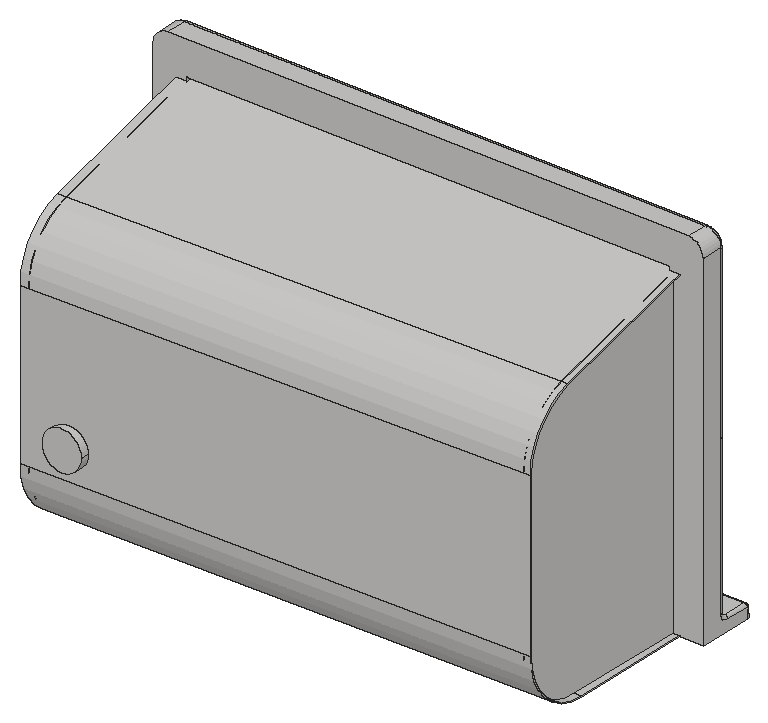
Revit family "PRD_FrankeWS_JntrlUnits_SiriusMultiPurposeSink_BS311N,BS312N", category Plumbing Fixtures, host Face, Revit 2018
Family settings
  Host = Face
  Round Connector Dimension = Use Diameter
  Part Type = Normal
  OmniClass Number = 23.45.05.14.14
  OmniClass Title = Sinks/Lavatories
  Cut with Voids When Loaded = No
  Shared = No
  Room Calculation Point = No
Parameters (values of type "BS311N")
  WaterSupplyOverflowAndWasteHolesWaterSupply = "No tapholes"
  WaterSupplyOverflowAndWasteHolesWaste = "Left-Back-Corner"
  WaterSupplyOverflowAndWasteHolesOverflow = "Stand pipe overflow"
  WasteSize = 40.00 mm
  WarrantyStartDate [instance] = "1900-12-31T23:59:59"
  WarrantyGuarantorParts = "n/a"
  WarrantyGuarantorLabor = "n/a"
  WarrantyDurationUnit = "year"
  WarrantyDurationParts = "n/a"
  WarrantyDurationLabor = "n/a"
  WarrantyDescription = "n/a"
  Version = "1"
  Uniclass2015Version = "Products v1.10"
  Uniclass2015Title = "Janitorial sinks"
  Uniclass2015Code = "Pr_40_20_96_44"
  URL = "www.kwc.com"
  TagNumber [instance] = "n/a"
  SustainabilityPerformance = "n/a"
  Size = "700 x 460 x 328 mm"
  SinkType = "Other"
  SinkMounting = "WallHung"
  SinkMaterial = PRD_AR_StainlessSteel_SatinFinished
  Shape = "Rectangular"
  SerialNumber [instance] = "n/a"
  Right = not(Left)  # no
  Revision = "n/a"
  ReplacementCost = "n/a"
  ProductInformation = "https://pim.kwc.com/product/2030045749/attachment/datasheet?locale=en"
  OutletSize = "DN 40 (1 1/2 inch.)"
  Options = "n/a"
  NominalWidth = 700 mm
  NominalHeight = 328 mm
  NominalDepth = 460 mm
  NetWeight = 6.70 kg
  Name = "Sirius multi purpose sink BS311N"
  NBSTypeID = "n/a"
  NBSReference = "45-35-70/401"
  NBSOfficeMasterTag = "n/a"
  NBSNote = "n/a"
  NBSDescription = "Janitorial units"
  NBSCertification = "n/a"
  ModelReference = "BS311N"
  ModelNumber = "2030045749"
  Model = ModelReference  # "BS311N"
  Material = "Stainless steel"
  ManufacturerURL = "www.kwc.com"
  ManufacturerName = "KWC Group AG"  # constant formula
  Manufacturer = ManufacturerName  # "KWC Group AG"
  Left = yes
  IntegralAccessories = "n/a"
  InstallationDate [instance] = "1900-12-31T23:59:59"
  IfcExportType = "SINK"
  IfcExportAs = "IfcSanitaryTerminalType"
  GrossWeight = 7.70 kg
  Grade = "n/a"
  FrameMaterial = PRD_AR_StainlessSteel_SatinFinished
  Form = "Stainless steel multi purpose sink"
  FinishAndMaterial = "Stainless steel 1.4301"
  Finish = "Satin finished"
  Features = "stainless steel, 0.8 mm, satin finished, wall mounting, 700x328x460 mm (WxHxD)"
  ExpectedLife = "n/a"
  DurationUnit = "year"
  DrainSize = "DN 40 (1 1/2 inch.)"
  Description = "SIRIUS washtrough for wall mounting, stainless steel, satin finished surface, material thickness of trough 0.8 mm / side panels 1.2 mm, side panels with integrated wall brackets, seamlessly welded, front panel with rubbing board, no tap ledge, no overflow, with grey plastic frame, 45 mm rear upstand, left hand waste, G 1 1/2 B plastic standpipe strainer, includes fixings."
  Default Elevation = 850 mm
  CreateOn = "11/2018"  # constant formula
  Constituents = "n/a"
  ConnectingDimensions = "n/a"
  Color = "Stainless steel"
  CodePerformance = "n/a"
  Category = "Pr_40_20_96_44, Janitorial sinks"
  BarCode [instance] = "n/a"
  BIMObjectName = "PRD_AR_JanitorialUnits_SiriusMultiPurposeSink_BS311N"
  Author = "Archispace"  # constant formula
  AssetType = "Fixed"
  AssetIdentifier [instance] = "n/a"
  AccessibilityPerformance = "n/a"
Types (2, lengths in mm): name | WaterSupplyOverflowAndWasteHolesWaste | Right | ProductInformation | Name | ModelReference | ModelNumber | Model | Left | Description | BIMObjectName
  BS311N | "Left-Back-Corner" | no | "https://pim.kwc.com/product/2030045749/attachment/datasheet?locale=en" | "Sirius multi purpose sink BS311N" | "BS311N" | "2030045749" | "BS311N" | yes | "SIRIUS washtrough for wall mounting, stainless steel, satin finished surface, material thickness of trough 0.8 mm / side panels 1.2 mm, side panels with integrated wall brackets, seamlessly welded, front panel with rubbing board, no tap ledge, no overflow, with grey plastic frame, 45 mm rear upstand, left hand waste, G 1 1/2 B plastic standpipe strainer, includes fixings." | "PRD_AR_JanitorialUnits_SiriusMultiPurposeSink_BS311N"
  BS312N | "Right-Back-Corner" | yes | "https://pim.kwc.com/product/2030045750/attachment/datasheet?locale=en" | "Sirius multi purpose sink BS312N" | "BS312N" | "2030045750" | "BS312N" | no | "SIRIUS washtrough for wall mounting, stainless steel, satin finished surface, material thickness of trough 0.8 mm / side panels 1.2 mm, side panels with integrated wall brackets, seamlessly welded, front panel with rubbing board, no tap ledge, no overflow, with grey plastic frame, 45 mm rear upstand, right hand drain, G 1 1/2 B plastic standpipe strainer, includes fixings." | "PRD_AR_JanitorialUnits_SiriusMultiPurposeSink_BS312N"
Reference planes
  plane 1 "Center (Front/Back)": y = 0
  plane 2: z = 0
  plane 3 "Center (Left/Right)": x = 0
Dimensions and locks
  aligned and locked: plane 2 to host face
  aligned and locked: level to host face
Nested families
  nested 1: "BS312" at (0, 0, 0) x (1, 0, 0) z (0, 1, 0), visible <- "Right", Right <- "Right", Left <- "Left", type "BS312"
    with distance 520 mm, Right no, Left yes
  nested 2: "BS312" at (0, 0, 0) x (-1, 0, 0) z (0, 1, 0), visible <- "Left", Left <- "Right", Right <- "Left", type "BS312"
    with distance 0 mm, Right yes, Left no
Connectors
  piping at (-260, -286.393, 121), diameter 40, driven by "WasteSize", driven by "DrainSize"
    settings: on nested 1, index 1, connector inside diameter 609.60 mm, connector length 0 mm, flow factor 0, pipe flow 0.0 L/s, pressure drop 0.0 Pa, fitting loss kfactor 0, connector angle 0.00°, fixture units 0, engagement length 0 mm, angle of deflection 0.00°, flow configuration 2, flow direction 2, fitting loss method 0, system type 16, joint type 0, gender type 0, connector reference index -1, connector utility 0, adjustable connector no, is connector primary yes, connector description "DN 40 (1 1/2 inch.)"
Definition of nested family "BS312"
  Parameters (values of type "BS312")
    distance [instance] = if(Left, 520 mm, 0 mm)  # 520 mm
    Right [instance] = yes
    Material2 = none
    Material = none
    Left [instance] = yes
    Default Elevation = 0 mm
  Reference planes
    plane 1 "Center (Front/Back)": y = 0
    plane 2: z = 2.248
    plane 3 "Center (Left/Right)": x = 0
    plane 4: x = 260
    plane 5: x = -260
    plane 6: x = -260
  Forms (mm)
    Blend 1, solid, material <- "Material", detail levels fine
      base sketch origin (0, 0, 0) x (0, 1, 0) y (0, 0, 1)
        loop
          line (-284.2, -277.782) -> (-81, -277.782)
          arc (-81, -277.782) -> (-23.724, -254.057) -> (0, -196.782) r 81
          line (0, -196.782) -> (0, -2.382) -> (-420.147, -2.382) -> (-362.44, -217.746)
          arc (-362.44, -217.746) -> (-333.51, -261.043) -> (-284.2, -277.782) r 81
      top sketch origin (0, 0, 0) x (0, 1, 0) y (0, 0, 1)
        loop
          line (-420.147, -2.382) -> (-365.387, -206.746)
          arc (-365.387, -206.746) -> (-336.457, -250.043) -> (-287.147, -266.782) r 81
          line (-287.147, -266.782) -> (-81, -266.782)
          arc (-81, -266.782) -> (-23.724, -243.057) -> (0, -185.782) r 81
          line (0, -185.782) -> (0, -2.382) -> (-420.147, -2.382)
      from 320 to -320
    Extrusion 2, solid, material <- "Material"
      sketch origin (0, 0, 2.248) x (1, 0, 0) y (0, 1, 0)
        loop
          circle (-260, -121) r 25
      from -277.162 to -288.641
    Blend 3, void, detail levels fine
      base sketch origin (0, 0, 0) x (0, 1, 0) y (0, 0, 1)
        loop
          arc (-81, -276.782) -> (-24.431, -253.35) -> (-1, -196.782) r 80
          line (-1, -196.782) -> (-1, -2.382) -> (-419.111, -2.382) -> (-361.474, -217.487)
          arc (-361.474, -217.487) -> (-332.901, -260.25) -> (-284.2, -276.782) r 80
          line (-284.2, -276.782) -> (-81, -276.782)
      top sketch origin (0, 0, 0) x (0, 1, 0) y (0, 0, 1)
        loop
          line (-287.147, -265.782) -> (-81, -265.782)
          arc (-81, -265.782) -> (-24.431, -242.35) -> (-1, -185.782) r 80
          line (-1, -185.782) -> (-1, -2.382) -> (-419.111, -2.382) -> (-364.422, -206.487)
          arc (-364.422, -206.487) -> (-335.848, -249.25) -> (-287.147, -265.782) r 80
      from 310 to -310
    Extrusion 4, void
      sketch origin (0, 0, 0) x (0, 1, 0) y (0, 0, 1)
        loop
          arc (-81, -265.782) -> (-24.431, -242.35) -> (-1, -185.782) r 80
          line (-1, -185.782) -> (-1, -2.382) -> (-419.111, -2.382) -> (-364.422, -206.487)
          arc (-364.422, -206.487) -> (-335.848, -249.25) -> (-287.147, -265.782) r 80
          line (-287.147, -265.782) -> (-81, -265.782)
      from -311 to -320
    Extrusion 5, void
      sketch origin (0, 0, 0) x (0, 1, 0) y (0, 0, 1)
        loop
          line (-1, -196.782) -> (-1, -2.382) -> (-419.111, -2.382) -> (-361.474, -217.487)
          arc (-361.474, -217.487) -> (-332.901, -260.25) -> (-284.2, -276.782) r 80
          line (-284.2, -276.782) -> (-81, -276.782)
          arc (-81, -276.782) -> (-24.431, -253.35) -> (-1, -196.782) r 80
      from 311 to 320
    Extrusion 6, solid, material <- "Material2", detail levels fine
      sketch origin (0, 0, 0) x (0, 1, 0) y (0, 0, 1)
        loop
          arc (-11.616, 44.848) -> (-15.11, 43.425) -> (-16.615, 39.965) r 5
          line (-16.615, 39.965) -> (-18.237, -29.152) -> (0, -29.152) -> (0, 44.848) -> (-11.616, 44.848)
      from -307 to 307
    Extrusion 7, solid, material <- "Material2", detail levels fine
      sketch origin (0, 0, 0) x (0, 1, 0) y (0, 0, 1)
        loop
          arc (-11.616, 44.848) -> (-15.11, 43.425) -> (-16.615, 39.965) r 5
          line (-16.615, 39.965) -> (-17.34, 9.084)
          arc (-17.34, 9.084) -> (-19.446, 4.241) -> (-24.338, 2.248) r 7
          line (-24.338, 2.248) -> (-225, 2.248) -> (-225, -29.152) -> (0, -29.152) -> (0, 44.848) -> (-11.616, 44.848)
      from 307 to 350
    Extrusion 8, solid, material <- "Material2", detail levels fine
      sketch origin (0, 0, 0) x (0, 1, 0) y (0, 0, 1)
        loop
          line (-225, -29.152) -> (0, -29.152) -> (0, 44.848) -> (-11.616, 44.848)
          arc (-11.616, 44.848) -> (-15.11, 43.425) -> (-16.615, 39.965) r 5
          line (-16.615, 39.965) -> (-17.34, 9.084)
          arc (-17.34, 9.084) -> (-19.446, 4.241) -> (-24.338, 2.248) r 7
          line (-24.338, 2.248) -> (-225, 2.248) -> (-225, -29.152)
      from -350 to -307
    Extrusion 9, solid, material <- "Material2", detail levels fine
      sketch origin (0, 0, 2.248) x (1, 0, 0) y (0, 1, 0)
        loop
          line (-350, -225) -> (-350, -441)
          arc (-350, -441) -> (-344.435, -454.435) -> (-331, -460) r 19
          line (-331, -460) -> (331, -460)
          arc (331, -460) -> (344.435, -454.435) -> (350, -441) r 19
          line (350, -441) -> (350, -225) -> (307, -225) -> (307, -417.486) -> (-307, -417.486) -> (-307, -225) -> (-350, -225)
      from 0 to -31.4
    Sweep 10, void
      path origin (0, 0, 2.248) x (1, 0, 0) y (0, 1, 0)
        loop
          line (-350, -225) -> (-350, -441)
          arc (-350, -441) -> (-344.435, -454.435) -> (-331, -460) r 19
          line (-331, -460) -> (331, -460)
          arc (331, -460) -> (344.435, -454.435) -> (350, -441) r 19
          line (350, -441) -> (350, -225)
      profile origin (-350, -333, 2.248) x (1, 0, 0) y (0, 0, 1)
        loop
          line (0, 0) -> (0, -4)
          arc (0, -4) -> (1.172, -1.172) -> (4, 0) r 4
          line (4, 0) -> (0, 0)
    Sweep 11, void
      path in 3D
        loop
          line (-350, -225, 2.248) -> (-350, -24.338, 2.248)
          arc (-350, -24.338, 2.248) -> (-350, -19.446, 4.241) -> (-350, -17.34, 9.084) r 7
          line (-350, -17.34, 9.084) -> (-350, -16.615, 39.965)
          arc (-350, -16.615, 39.965) -> (-350, -15.11, 43.425) -> (-350, -11.616, 44.848) r 5
          line (-350, -11.616, 44.848) -> (-350, 0, 44.848)
      profile origin (-350, -124.669, 2.248) x (-1, 0, 0) y (0, 0, 1)
        loop
          line (0, -4) -> (0, 0) -> (-4, 0)
          arc (-4, 0) -> (-1.172, -1.172) -> (0, -4) r 4
    Sweep 12, void
      path in 3D
        loop
          line (350, 0, 44.848) -> (350, -11.616, 44.848)
          arc (350, -11.616, 44.848) -> (350, -15.11, 43.425) -> (350, -16.615, 39.965) r 5
          line (350, -16.615, 39.965) -> (350, -17.34, 9.084)
          arc (350, -17.34, 9.084) -> (350, -19.446, 4.241) -> (350, -24.338, 2.248) r 7
          line (350, -24.338, 2.248) -> (350, -225, 2.248)
      profile origin (350, -124.669, 2.248) x (1, 0, 0) y (0, 0, 1)
        loop
          line (0, 0) -> (-4, 0)
          arc (-4, 0) -> (-1.172, -1.172) -> (0, -4) r 4
          line (0, -4) -> (0, 0)
    Extrusion 13, solid, material <- "Material", detail levels medium+fine
      sketch origin (0, 0, 2.248) x (1, 0, 0) y (0, 1, 0)
        loop
          circle (-260, -121) r 18
        loop
          circle (-260, -121) r 15
      from -25 to -277.162
    Blend 14, solid, material <- "Material", detail levels medium
      base sketch origin (0, 0, 0) x (0, 1, 0) y (0, 0, 1)
        loop
          arc (-362.44, -217.746) -> (-333.51, -261.043) -> (-284.2, -277.782) r 81
          line (-284.2, -277.782) -> (-81, -277.782)
          arc (-81, -277.782) -> (-23.724, -254.057) -> (0, -196.782) r 81
          line (0, -196.782) -> (0, -2.382) -> (-420.147, -2.382) -> (-362.44, -217.746)
      top sketch origin (0, 0, 0) x (0, 1, 0) y (0, 0, 1)
        loop
          arc (-81, -266.782) -> (-23.724, -243.057) -> (0, -185.782) r 81
          line (0, -185.782) -> (0, -2.382) -> (-420.147, -2.382) -> (-365.387, -206.746)
          arc (-365.387, -206.746) -> (-336.457, -250.043) -> (-287.147, -266.782) r 81
          line (-287.147, -266.782) -> (-81, -266.782)
      from 320 to -320
    Blend 15, void
      base sketch origin (0, 0, 0) x (0, 1, 0) y (0, 0, 1)
        loop
          arc (-361.474, -217.487) -> (-332.901, -260.25) -> (-284.2, -276.782) r 80
          line (-284.2, -276.782) -> (-81, -276.782)
          arc (-81, -276.782) -> (-24.431, -253.35) -> (-1, -196.782) r 80
          line (-1, -196.782) -> (-1, -2.382) -> (-419.111, -2.382) -> (-361.474, -217.487)
      top sketch origin (0, 0, 0) x (0, 1, 0) y (0, 0, 1)
        loop
          arc (-364.422, -206.487) -> (-335.848, -249.25) -> (-287.147, -265.782) r 80
          line (-287.147, -265.782) -> (-81, -265.782)
          arc (-81, -265.782) -> (-24.431, -242.35) -> (-1, -185.782) r 80
          line (-1, -185.782) -> (-1, -2.382) -> (-419.111, -2.382) -> (-364.422, -206.487)
      from 310 to -310
    Extrusion 16, solid, material <- "Material2", detail levels medium
      sketch origin (0, 0, 0) x (0, 1, 0) y (0, 0, 1)
        loop
          line (-17.34, 2.248) -> (-460, 2.248) -> (-460, -29.152) -> (0, -29.152) -> (0, 44.848) -> (-17.34, 44.848) -> (-17.34, 2.248)
      from -350 to 350
    Extrusion 17, void
      sketch origin (0, 0, 2.248) x (1, 0, 0) y (0, 1, 0)
        loop
          line (-307, -417.486) -> (307, -417.486) -> (307, -17.34) -> (-307, -17.34) -> (-307, -417.486)
      from -31.4 to 12.273
    Extrusion 18, solid, material <- "Material", detail levels coarse
      sketch origin (0, 0, 0) x (0, 1, 0) y (0, 0, 1)
        loop
          line (-346.353, -277.782) -> (0, -277.782) -> (0, -29.152) -> (-412.974, -29.152) -> (-346.353, -277.782)
      from -320 to 320
    Extrusion 19, solid, material <- "Material2", detail levels coarse
      sketch origin (0, 0, 0) x (0, 1, 0) y (0, 0, 1)
        loop
          line (-460, -29.152) -> (0, -29.152) -> (0, 44.848) -> (-17.34, 44.848) -> (-17.34, 2.248) -> (-460, 2.248) -> (-460, -29.152)
      from -350 to 350
  Cuts and joins
    Blend 3, Extrusion 4, Extrusion 5 cuts Blend 1
    Sweep 11, Sweep 12 cuts Extrusion 6
    Sweep 11, Sweep 12 cuts Extrusion 7
    Sweep 11, Sweep 12 cuts Extrusion 8
    Sweep 10 cuts Extrusion 9
    joined: Extrusion 6, Extrusion 7, Extrusion 8, Extrusion 9
    Blend 15 cuts Blend 14
    Extrusion 17 cuts Extrusion 16
  Lines and regions (mm)
    sketch lines
      curve 1: line (-350, -225, 2.248) -> (-350, -24.338, 2.248)
      curve 2: arc (-350, -17.34, 9.084) -> (-350, -19.446, 4.241) -> (-350, -24.338, 2.248) r 7
      curve 3: line (-350, -17.34, 9.084) -> (-350, -16.615, 39.965)
      curve 4: arc (-350, -11.616, 44.848) -> (-350, -15.11, 43.425) -> (-350, -16.615, 39.965) r 5
      curve 5: line (-350, -11.616, 44.848) -> (-350, 0, 44.848)
      curve 6: line (350, -24.338, 2.248) -> (350, -225, 2.248)
      curve 7: arc (350, -24.338, 2.248) -> (350, -19.446, 4.241) -> (350, -17.34, 9.084) r 7
      curve 8: line (350, -16.615, 39.965) -> (350, -17.34, 9.084)
      curve 9: arc (350, -16.615, 39.965) -> (350, -15.11, 43.425) -> (350, -11.616, 44.848) r 5
      curve 10: line (350, 0, 44.848) -> (350, -11.616, 44.848)
    symbolic lines, detail levels coarse
      curve 11: line (-307, -17.34, 2.248) -> (-307, -417.486, 2.248)
      curve 12: line (-307, -417.486, 2.248) -> (307, -417.486, 2.248)
      curve 13: line (307, -17.34, 2.248) -> (307, -417.486, 2.248)
  Dimensions and locks
    "distance": plane 5 to plane 4
    "distance": plane 6 to plane 4
    aligned and locked: level to plane 2
    aligned and locked: plane 5 to Extrusion 13 sketch curve  (x2)
    aligned and locked: plane 6 to Extrusion 2 sketch curve
  Automatic sketch dimensions
    Blend 1 sketch curve to plane 1 "Center (Front/Back)" = 0 mm  (x2)
    plane 1 "Center (Front/Back)" to Blend 1 sketch curve = 81 mm  (x2)
    Blend 1 sketch curve to Blend 1 sketch curve = 203.2 mm
    Blend 1 sketch curve to level = 219.994 mm
    Blend 1 sketch curve to Blend 1 sketch curve = 78.24 mm  (x2)
    Blend 1 sketch curve to level = 4.63 mm  (x2)
    Blend 1 sketch curve to Blend 1 sketch curve = 57.707 mm
    Blend 1 sketch curve to level = 280.03 mm
    Blend 1 sketch curve to Blend 1 sketch curve = 206.147 mm
    Blend 1 sketch curve to level = 208.994 mm
    Blend 1 sketch curve to Blend 1 sketch curve = 54.759 mm
    Blend 1 sketch curve to level = 269.03 mm
    Blend 3 sketch curve to level = 4.63 mm  (x2)
    plane 1 "Center (Front/Back)" to Blend 3 sketch curve = 419.111 mm  (x2)
    Blend 3 sketch curve to level = 219.735 mm
    Blend 3 sketch curve to Blend 3 sketch curve = 57.637 mm
    Blend 3 sketch curve to Blend 3 sketch curve = 77.274 mm  (x2)
    plane 1 "Center (Front/Back)" to Blend 3 sketch curve = 81 mm  (x2)
    plane 1 "Center (Front/Back)" to Blend 3 sketch curve = 1 mm  (x2)
    Blend 3 sketch curve to Blend 3 sketch curve = 59.294 mm
    Blend 3 sketch curve to Blend 3 sketch curve = 54.69 mm
    Blend 3 sketch curve to level = 188.03 mm
    Blend 3 sketch curve to Blend 3 sketch curve = 183.4 mm
    Extrusion 4 sketch curve to level = 4.63 mm
    plane 1 "Center (Front/Back)" to Extrusion 4 sketch curve = 419.111 mm
    Extrusion 4 sketch curve to level = 208.735 mm
    Extrusion 4 sketch curve to Extrusion 4 sketch curve = 54.69 mm
    Extrusion 4 sketch curve to Extrusion 4 sketch curve = 77.274 mm
    plane 1 "Center (Front/Back)" to Extrusion 4 sketch curve = 81 mm
    plane 1 "Center (Front/Back)" to Extrusion 4 sketch curve = 1 mm
    Extrusion 4 sketch curve to Extrusion 4 sketch curve = 59.294 mm
    Extrusion 5 sketch curve to level = 4.63 mm
    plane 1 "Center (Front/Back)" to Extrusion 5 sketch curve = 419.111 mm
    Extrusion 5 sketch curve to Extrusion 5 sketch curve = 57.637 mm
    Extrusion 5 sketch curve to Extrusion 5 sketch curve = 77.274 mm
    plane 1 "Center (Front/Back)" to Extrusion 5 sketch curve = 81 mm
    plane 1 "Center (Front/Back)" to Extrusion 5 sketch curve = 1 mm
    Extrusion 5 sketch curve to level = 199.03 mm
    Extrusion 5 sketch curve to Extrusion 5 sketch curve = 194.4 mm
    Extrusion 6 sketch curve to plane 1 "Center (Front/Back)" = 0 mm
    plane 1 "Center (Front/Back)" to Extrusion 6 sketch curve = 11.616 mm
    Extrusion 6 sketch curve to Extrusion 6 sketch curve = 4.999 mm
    Extrusion 6 sketch curve to Extrusion 6 sketch curve = 18.237 mm
    Extrusion 6 sketch curve to level = 31.4 mm
    level to Extrusion 6 sketch curve = 37.6 mm
    Extrusion 6 sketch curve to Extrusion 6 sketch curve = 0.117 mm
    Extrusion 7 sketch curve to level = 0 mm
    Extrusion 7 sketch curve to plane 1 "Center (Front/Back)" = 0 mm
    plane 1 "Center (Front/Back)" to Extrusion 7 sketch curve = 11.616 mm
    Extrusion 7 sketch curve to Extrusion 7 sketch curve = 4.999 mm
    level to Extrusion 7 sketch curve = 6.836 mm
    plane 1 "Center (Front/Back)" to Extrusion 7 sketch curve = 17.34 mm
    Extrusion 7 sketch curve to Extrusion 7 sketch curve = 6.998 mm
    Extrusion 7 sketch curve to level = 31.4 mm
    Extrusion 7 sketch curve to Extrusion 7 sketch curve = 200.662 mm
    Extrusion 7 sketch curve to Extrusion 7 sketch curve = 30.764 mm
    Extrusion 7 sketch curve to Extrusion 7 sketch curve = 0.117 mm
    Extrusion 8 sketch curve to level = 0 mm
    Extrusion 8 sketch curve to plane 1 "Center (Front/Back)" = 0 mm
    plane 1 "Center (Front/Back)" to Extrusion 8 sketch curve = 11.616 mm
    Extrusion 8 sketch curve to Extrusion 8 sketch curve = 4.999 mm
    level to Extrusion 8 sketch curve = 6.836 mm
    plane 1 "Center (Front/Back)" to Extrusion 8 sketch curve = 17.34 mm
    Extrusion 8 sketch curve to Extrusion 8 sketch curve = 6.998 mm
    Extrusion 8 sketch curve to level = 31.4 mm
    Extrusion 8 sketch curve to Extrusion 8 sketch curve = 200.662 mm
    Extrusion 8 sketch curve to Extrusion 8 sketch curve = 30.764 mm
    Extrusion 8 sketch curve to Extrusion 8 sketch curve = 0.117 mm
    Extrusion 9 sketch curve to plane 3 "Center (Left/Right)" = 350 mm
    Extrusion 9 sketch curve to Extrusion 9 sketch curve = 19 mm  (x2)
    Extrusion 9 sketch curve to Extrusion 9 sketch curve = 24 mm  (x2)
    plane 4 to Extrusion 9 sketch curve = 47 mm
    plane 1 "Center (Front/Back)" to Extrusion 9 sketch curve = 460 mm
    Extrusion 9 sketch curve to Extrusion 9 sketch curve = 23.514 mm
    Extrusion 9 sketch curve to Extrusion 9 sketch curve = 192.486 mm  (x2)
    Sweep 10 sketch curve to plane 3 "Center (Left/Right)" = 350 mm
    Sweep 10 sketch curve to Sweep 10 sketch curve = 19 mm  (x2)
    plane 4 to Sweep 10 sketch curve = 71 mm
    plane 1 "Center (Front/Back)" to Sweep 10 sketch curve = 460 mm
    Sweep 10 sketch curve to Sweep 10 sketch curve = 216 mm  (x2)
    profile plane to Sweep 10 sketch curve = 0 mm  (x2)
    Sweep 10 sketch curve to level = 0 mm  (x2)
    Sweep 10 sketch curve to Sweep 10 sketch curve = 4 mm
    Sweep 10 sketch curve to Sweep 10 sketch curve = 0 mm  (x2)
    Sweep 11 sketch curve to profile plane = 0 mm  (x4)
    profile plane to Sweep 11 sketch curve = 4 mm
    Sweep 11 sketch curve to Sweep 11 sketch curve = 0 mm  (x2)
    Sweep 12 sketch curve to profile plane = 0 mm  (x2)
    profile plane to Sweep 12 sketch curve = 0 mm  (x2)
    profile plane to Sweep 12 sketch curve = 4 mm
    Sweep 12 sketch curve to Sweep 12 sketch curve = 0 mm  (x2)
    Blend 14 sketch curve to plane 1 "Center (Front/Back)" = 0 mm  (x2)
    plane 1 "Center (Front/Back)" to Blend 14 sketch curve = 81 mm  (x2)
    Blend 14 sketch curve to Blend 14 sketch curve = 203.2 mm
    Blend 14 sketch curve to level = 219.994 mm
    Blend 14 sketch curve to Blend 14 sketch curve = 78.24 mm  (x2)
    Blend 14 sketch curve to level = 4.63 mm  (x2)
    Blend 14 sketch curve to Blend 14 sketch curve = 57.707 mm
    Blend 14 sketch curve to Blend 14 sketch curve = 60.036 mm  (x2)
    Blend 14 sketch curve to Blend 14 sketch curve = 206.147 mm
    Blend 14 sketch curve to level = 208.994 mm
    Blend 14 sketch curve to Blend 14 sketch curve = 54.759 mm
    Blend 15 sketch curve to level = 4.63 mm  (x2)
    plane 1 "Center (Front/Back)" to Blend 15 sketch curve = 419.111 mm  (x2)
    Blend 15 sketch curve to level = 219.735 mm
    Blend 15 sketch curve to Blend 15 sketch curve = 57.637 mm
    Blend 15 sketch curve to Blend 15 sketch curve = 77.274 mm  (x2)
    plane 1 "Center (Front/Back)" to Blend 15 sketch curve = 81 mm  (x2)
    plane 1 "Center (Front/Back)" to Blend 15 sketch curve = 1 mm  (x2)
    Blend 15 sketch curve to Blend 15 sketch curve = 59.294 mm  (x2)
    Blend 15 sketch curve to level = 208.735 mm
    Blend 15 sketch curve to Blend 15 sketch curve = 54.69 mm
    Extrusion 16 sketch curve to level = 0 mm
    Extrusion 16 sketch curve to plane 1 "Center (Front/Back)" = 0 mm
    plane 1 "Center (Front/Back)" to Extrusion 16 sketch curve = 17.34 mm
    Extrusion 16 sketch curve to level = 31.4 mm
    Extrusion 16 sketch curve to Extrusion 16 sketch curve = 442.66 mm
    level to Extrusion 16 sketch curve = 42.6 mm
    plane 1 "Center (Front/Back)" to Extrusion 17 sketch curve = 17.34 mm
    Extrusion 17 sketch curve to plane 3 "Center (Left/Right)" = 307 mm
    plane 4 to Extrusion 17 sketch curve = 47 mm
    Extrusion 17 sketch curve to Extrusion 17 sketch curve = 400.147 mm
    Extrusion 18 sketch curve to plane 1 "Center (Front/Back)" = 0 mm
    plane 1 "Center (Front/Back)" to Extrusion 18 sketch curve = 346.353 mm
    Extrusion 18 sketch curve to level = 31.4 mm
    Extrusion 18 sketch curve to Extrusion 18 sketch curve = 66.62 mm
    Extrusion 18 sketch curve to Extrusion 18 sketch curve = 248.63 mm
    Extrusion 19 sketch curve to level = 0 mm
    Extrusion 19 sketch curve to plane 1 "Center (Front/Back)" = 0 mm
    plane 1 "Center (Front/Back)" to Extrusion 19 sketch curve = 17.34 mm
    Extrusion 19 sketch curve to level = 31.4 mm
    Extrusion 19 sketch curve to Extrusion 19 sketch curve = 442.66 mm
    level to Extrusion 19 sketch curve = 42.6 mm
    curve 11 to plane 3 "Center (Left/Right)" = 307 mm
    plane 4 to curve 13 = 47 mm
    plane 1 "Center (Front/Back)" to curve 11 = 417.486 mm
    plane 1 "Center (Front/Back)" to curve 13 = 17.34 mm
    plane 1 "Center (Front/Back)" to curve 11 = 17.34 mm
    plane 1 "Center (Front/Back)" to Extrusion 2 sketch curve = 121 mm
    Extrusion 13 sketch curve to Extrusion 13 sketch curve = 0 mm
    plane 1 "Center (Front/Back)" to Extrusion 13 sketch curve = 121 mm
    radius of Extrusion 2 sketch curve = 25 mm
    radius of Extrusion 13 sketch curve = 18 mm
    radius of Extrusion 13 sketch curve = 15 mm
